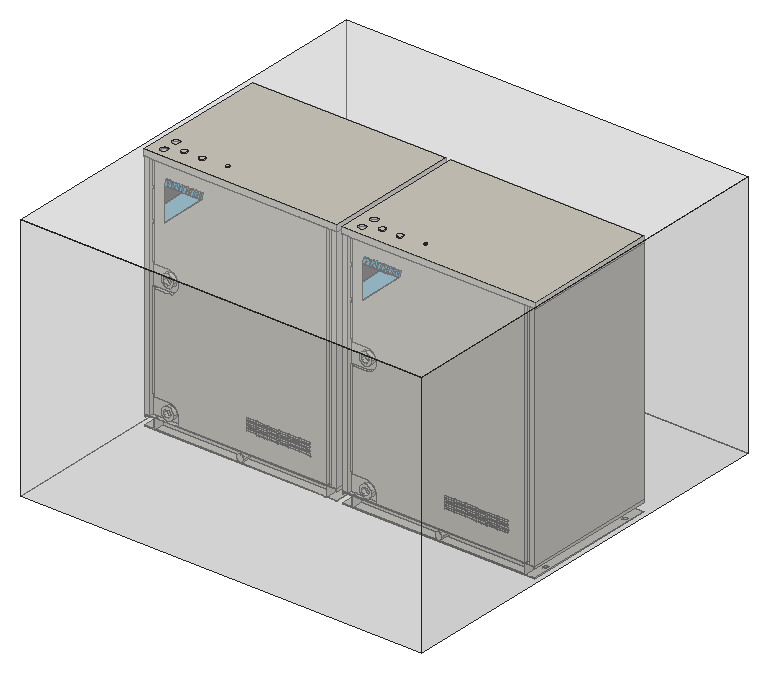
Revit family "outputfile", category 機械設備, Revit 2024
Family settings
  丸型コネクタ寸法 = 半径を使用
  種別 = なし
  パーツ タイプ = 標準
  OmniClass 番号 = 23.75.10.24.21.27.27
  OmniClass タイトル = Split System Air Conditioning Units
  作業面ベース = いいえ
  常に垂直 = はい
  ロード時にボイドで切り取り = いいえ
  注釈の向きを維持 = いいえ
  共有 = いいえ
  部屋計算ポイント = いいえ
Parameters (values of type "RWEYQ22TY1S")
  製造元 = "Daikin"
  書き出し IFC クラス(タイプ) = "IfcUnitaryEquipmentType"
  定義済み IFC タイプ(タイプ) = "AIRCONDITIONINGUNIT"
  モデル = "RWEYQ22TY1S"
  w_unit2 = 780.0 mm
  w_unit1 = 780.0 mm
  switch_unit2_6-8 [instance] = if(Reverse_ModuleSequence, if(default_unit1 = 1, 1 = 1, 1 = 0), if(default_unit2 = 1, 1 = 1, 1 = 0))  # no
  switch_unit2_12 [instance] = if(Reverse_ModuleSequence, if(default_unit1 = 3, 1 = 1, 1 = 0), if(default_unit2 = 3, 1 = 1, 1 = 0))  # no
  switch_unit2_10 [instance] = if(Reverse_ModuleSequence, if(default_unit1 = 2, 1 = 1, 1 = 0), if(default_unit2 = 2, 1 = 1, 1 = 0))  # yes
  switch_unit1_6-8 [instance] = if(Reverse_ModuleSequence, if(default_unit2 = 1, 1 = 1, 1 = 0), if(default_unit1 = 1, 1 = 1, 1 = 0))  # no
  switch_unit1_12 [instance] = if(Reverse_ModuleSequence, if(default_unit2 = 3, 1 = 1, 1 = 0), if(default_unit1 = 3, 1 = 1, 1 = 0))  # yes
  switch_unit1_10 [instance] = if(Reverse_ModuleSequence, if(default_unit2 = 2, 1 = 1, 1 = 0), if(default_unit1 = 2, 1 = 1, 1 = 0))  # no
  rangle_Drain [instance] = if(Rear Connection_Drain, 180.00°, 0.00°)  # 0.00°
  r_Water Outlet Pipe Connection_unit2 [instance] = Water Outlet Pipe Connection_Unit2 / 2  # 15.9 mm
  r_Water Outlet Pipe Connection_unit1 [instance] = Water Outlet Pipe Connection_Unit1 / 2  # 15.9 mm
  r_Water Inlet Pipe Connection_unit2 [instance] = Water Inlet Pipe Connection_Unit2 / 2  # 15.9 mm
  r_Water Inlet Pipe Connection_unit1 [instance] = Water Inlet Pipe Connection_Unit1 / 2  # 15.9 mm
  r_Liquid Pipe Size_unit2 [instance] = Liquid Pipe Size_Unit 2 / 2  # 4.75 mm
  r_HP/LP Gas Pipe Size_unit2 [instance] = [HP/LP Gas Pipe Size_Unit 2] / 2  # 11.1 mm
  r_HP/LP Gas Pipe Size_unit1 [instance] = [HP/LP Gas Pipe Size_Unit 1] / 2  # 11.1 mm
  r_Gas Pipe Size_unit2 [instance] = Gas Pipe Size_Unit 2 / 2  # 11.1 mm
  r_Drain Pipe Size = Drain Pipe Size / 2  # 6.35 mm
  lw_powersupply2 = 51.0 mm
  lw_liquidpipe2 = 274.0 mm
  lw_gaspipe2 [instance] = if(Heat Pump, 107.0 mm, 178.0 mm)  # 107.0 mm
  lw_Water Outlet2 = 95.0 mm
  lw_Water Outlet1 = 95.0 mm
  lw_Water Inlet2 = 95.0 mm
  lw_Water Inlet1 = 95.0 mm
  lw_HP/LP Gas Pipe2 [instance] = if(Heat Pump, 178.0 mm, 107.0 mm)  # 178.0 mm
  lw_HP/LP Gas Pipe1 [instance] = if(Heat Pump, 178.0 mm, 107.0 mm)  # 178.0 mm
  lw_Drain2 = 390.0 mm
  lw_Drain1 = 390.0 mm
  ld_HP/LP Gas Pipe = 69.0 mm
  h_mountinghole = [h_***] + 2.3 mm  # 2.3 mm
  r_Liquid Pipe Size_unit1 [instance] = Liquid Pipe Size_Unit 1 / 2  # 6.35 mm
  r_Gas Pipe Size_unit1 [instance] = Gas Pipe Size_Unit 1 / 2  # 11.1 mm
  distance_unit1-2 [instance] = 20.0 mm
  default_unit2 = 2
  default_unit1 = 3
  default_Water Outlet Pipe Connection_Unit 3 = 31.8 mm
  default_Water Outlet Pipe Connection_Unit 2 = 31.8 mm
  default_Water Outlet Pipe Connection_Unit 1 = 31.8 mm
  default_Water Inlet Pipe Connection_Unit 3 = 31.8 mm
  default_Water Inlet Pipe Connection_Unit 2 = 31.8 mm
  default_Water Inlet Pipe Connection_Unit 1 = 31.8 mm
  default_Model_Unit 2 = "RWEYQ10TY1S"
  default_Model_Unit 1 = "RWEYQ12TY1S"
  default_Liquid Pipe Size_Unit 2 = 9.5 mm
  default_Liquid Pipe Size_Unit 1 = 12.7 mm
  default_HP/LP Gas Pipe Size_Unit 2 [instance] = if(and(Heat Pump, [switch_unit2_6-8]), 19.1 mm, if(and(Heat Pump, switch_unit2_10), 22.2 mm, if(and(Heat Pump, switch_unit2_12), 22.2 mm, if(and(Heat Recovery, [switch_unit2_6-8]), 15.9 mm, if(and(Heat Recovery, switch_unit2_10), 19.1 mm, if(and(Heat Recovery, switch_unit2_12), 19.1 mm, 19.1 mm))))))  # 22.2 mm
  default_HP/LP Gas Pipe Size_Unit 1 [instance] = if(and(Heat Pump, [switch_unit1_6-8]), 19.1 mm, if(and(Heat Pump, switch_unit1_10), 22.2 mm, if(and(Heat Pump, switch_unit1_12), 22.2 mm, if(and(Heat Recovery, [switch_unit1_6-8]), 15.9 mm, if(and(Heat Recovery, switch_unit1_10), 19.1 mm, if(and(Heat Recovery, switch_unit1_12), 19.1 mm, 19.1 mm))))))  # 22.2 mm
  default_Gas Pipe Size_Unit 2 = 22.2 mm
  default_Gas Pipe Size_Unit 1 = 22.2 mm
  Water Outlet Pipe Connection_Unit2 [instance] = if(Reverse_ModuleSequence, default_Water Inlet Pipe Connection_Unit 1, default_Water Inlet Pipe Connection_Unit 2)  # 31.8 mm
  Water Outlet Pipe Connection_Unit1 [instance] = if(Reverse_ModuleSequence, default_Water Outlet Pipe Connection_Unit 2, default_Water Outlet Pipe Connection_Unit 1)  # 31.8 mm
  Water Inlet Pipe Connection_Unit2 [instance] = if(Reverse_ModuleSequence, default_Water Outlet Pipe Connection_Unit 1, default_Water Outlet Pipe Connection_Unit 2)  # 31.8 mm
  Water Inlet Pipe Connection_Unit1 [instance] = if(Reverse_ModuleSequence, default_Water Inlet Pipe Connection_Unit 2, default_Water Inlet Pipe Connection_Unit 1)  # 31.8 mm
  Voltage_comment_50Hz = "380-415"
  Voltage_50Hz = 400 V
  Top Connection_powersupply2 [instance] = not(Top Connection_powersupply1)  # no
  Sound Power Level (dB) = 75
  Reverse_ModuleSequence [instance] = no
  Rear Connection_Drain [instance] = not(Front Connection_Drain)  # no
  Power Input (Heating) = 13.500 kW
  Phase_50Hz = 3
  Nominal Heating Capacity = 69.000 kW
  Model_Unit 2 [instance] = if(Reverse_ModuleSequence, default_Model_Unit 1, default_Model_Unit 2)  # "RWEYQ10TY1S"
  Model_Unit 1 [instance] = if(Reverse_ModuleSequence, default_Model_Unit 2, default_Model_Unit 1)  # "RWEYQ12TY1S"
  Minimum Circuit Amps_50Hz = 27.3 A
  Maximum Fuse Amps_50Hz = 35.0 A
  Material_Heat Exchanger = DAIKIN_Blue_HE_outdoorunit
  Material_Casing = DAIKIN_IvoryWhite_Casing_outdoorunit
  lw_powersupply1 = 51.0 mm
  lw_liquidpipe1 = 274.0 mm
  lw_gaspipe1 [instance] = if(Heat Pump, 107.0 mm, 178.0 mm)  # 107.0 mm
  lh_powersupply = 940.0 mm
  ld_powersupply [instance] = if(Top Connection_powersupply1, 38.0 mm, 98.0 mm)  # 38.0 mm
  ld_liquidpipe = 79.0 mm
  ld_gaspipe = 69.0 mm
  h_*** = 0.0 mm
  Width [instance] = [distance_unit1-2] + w_unit1 + w_unit2  # 1580.0 mm
  Version = "ver.1.0"
  Unit Type = ""
  Unit Mass Weight = 294.00 kg
  Unit Designation [instance] = ""
  Uniclass2015Version = "Products v1.30"
  Uniclass2015Title = "Variable refrigerant flow units"
  Uniclass2015Code = "Pr_70_65_03_94"
  Total Cooling Capacity [instance] = 0.000 kW
  Sound Pressure Level (dBA) = 55
  Series = "VRV Heat Recovery"
  Refrigerant_Base Charge = 8.400 kg
  Refrigerant_Additional Charge [instance] = 0.000 kg
  Refrigerant Type = "R410A"
  Power Input (Cooling) = 12.800 kW
  Option Accessory 3 [instance] = ""
  Option Accessory 2 [instance] = ""
  Option Accessory 1 [instance] = ""
  Nominal Cooling Capacity = 61.500 kW
  Load Classification = HVAC
  Liquid Pipe Size_Unit 2 [instance] = if(Reverse_ModuleSequence, default_Liquid Pipe Size_Unit 1, default_Liquid Pipe Size_Unit 2)  # 9.5 mm
  Liquid Pipe Size_Unit 1 [instance] = if(Reverse_ModuleSequence, default_Liquid Pipe Size_Unit 2, default_Liquid Pipe Size_Unit 1)  # 12.7 mm
  Link_Nested Family [instance] = ""
  IfcVersion = ""
  IfcExportType = "AIRCONDITIONINGUNIT"
  IfcExportAs = "IfcUnitaryEquipmentType"
  Height = 1000.0 mm
  Heat Recovery [instance] = not(Heat Pump)  # no
  Heat Pump [instance] = yes
  Heat Exchanger Type = "Stainless Steel Plate"
  HP/LP Gas Pipe Size_Unit 2 [instance] = [default_HP/LP Gas Pipe Size_Unit 2]  # 22.2 mm
  HP/LP Gas Pipe Size_Unit 1 [instance] = [default_HP/LP Gas Pipe Size_Unit 1]  # 22.2 mm
  Gas Pipe Size_Unit 2 [instance] = if(Reverse_ModuleSequence, default_Gas Pipe Size_Unit 1, default_Gas Pipe Size_Unit 2)  # 22.2 mm
  Gas Pipe Size_Unit 1 [instance] = if(Reverse_ModuleSequence, default_Gas Pipe Size_Unit 2, default_Gas Pipe Size_Unit 1)  # 22.2 mm
  Top Connection_powersupply1 [instance] = yes
  Front Connection_Drain [instance] = yes
  Frequency_50Hz = 50 Hz
  Drain Pipe Size = 12.7 mm
  Depth = 550.0 mm
  既定の高さ = 0.0 mm
  Cooling Ambient Wet Bulb Temperature [instance] = 0.00 °C
  Cooling Ambient Dry Bulb Temperature [instance] = 0.00 °C
  Compressor Type = "Hermetically Sealed Scroll Type"
  Clearance visibility [instance] = yes
  Clearance Top = 0.0 mm
  Clearance Right = 20.0 mm
  Clearance Rear = 500.0 mm
  Clearance Left = 20.0 mm
  Clearance Front = 600.0 mm
  Clearance Bottom = 0.0 mm
  CU Tag No. [instance] = ""
Reference planes
  plane 1 "Center (Front/Back)": y = 0
  plane 2 "h_***": z = 0
  plane 3 "Center (Left/Right)": x = 0
  plane 4 "Back": y = 275
  plane 5 "Front": y = -275
  plane 6 "Left": x = -390
  plane 7 "w_unit1": x = 390
  plane 8 "Top": z = 1000
  plane 9 "Clearance Rear": y = 775
  plane 10 "Clearance Front": y = -875
  plane 11 "Clearance Left": x = -410
  plane 12 "Clearance Right": x = 1210
  plane 13 "Clearance Top": z = 1000
  plane 14 "Clearance Bottom": z = 0
  plane 15 "Bottom": z = 0
  plane 16 "lw_powersupply1": x = -339
  plane 17 "ld_powersupply": y = -237
  plane 18 "lw_liquidpipe1": x = -116
  plane 19 "Rear Connection_refrigetant": y = -196
  plane 20 "lw_gaspipe1": x = -283
  plane 21 "ld_gaspipe": y = -206
  plane 22 "lh_logo": z = 900
  plane 23 "lw_logo": x = 100
  plane 24 "lh_powersupply": z = 940
  plane 25 "lw_HP/LP Gas Pipe1": x = -212
  plane 26 "ld_HP/LP Gas Pipe": y = -206
  plane 27 "l_unit2": x = 410
  plane 28 "Right": x = 1190
  plane 29 "lw_powersupply2": x = 461
  plane 30 "lw_liquidpipe2": x = 684
  plane 31 "lw_gaspipe2": x = 517
  plane 32 "lw_HP/LP Gas Pipe2": x = 588
  plane 33 "lw_Water Inlet1": x = -295
  plane 34 "lw_Water Inlet2": x = 505
  plane 35 "lw_Water Outlet1": x = -295
  plane 36 "lw_Water Outlet2": x = 505
  plane 37 "lw_Drain1": x = 0
  plane 38 "lw_Drain2": x = 800
Dimensions and locks
  equal spacing: plane 4 "Back", plane 1 "Center (Front/Back)", plane 5 "Front"
  "Depth": plane 4 "Back" to plane 5 "Front"
  equal spacing: plane 6 "Left", plane 3 "Center (Left/Right)", plane 7 "w_unit1"
  "w_unit1": plane 6 "Left" to plane 7 "w_unit1"
  "Clearance Rear": plane 9 "Clearance Rear" to plane 4 "Back"
  "Clearance Front": plane 10 "Clearance Front" to plane 5 "Front"
  "Clearance Left": plane 11 "Clearance Left" to plane 6 "Left"
  "Clearance Top": plane 13 "Clearance Top" to plane 8 "Top"
  "h_***": plane 15 "Bottom" to plane 2 "h_***"
  "Height": plane 8 "Top" to plane 15 "Bottom"
  "Clearance Bottom": plane 15 "Bottom" to plane 14 "Clearance Bottom"
  "ld_powersupply": plane 17 "ld_powersupply" to plane 5 "Front"
  "ld_liquidpipe": plane 19 "Rear Connection_refrigetant" to plane 5 "Front"
  "ld_gaspipe": plane 21 "ld_gaspipe" to plane 5 "Front"
  locked: plane 23 "lw_logo" to plane 7 "w_unit1" at 290
  locked: plane 22 "lh_logo" to plane 15 "Bottom" at 900
  "lw_gaspipe1": plane 6 "Left" to plane 20 "lw_gaspipe1"
  "lw_liquidpipe1": plane 6 "Left" to plane 18 "lw_liquidpipe1"
  "lw_powersupply1": plane 6 "Left" to plane 16 "lw_powersupply1"
  "lh_powersupply": plane 24 "lh_powersupply" to plane 15 "Bottom"
  "lw_HP/LP Gas Pipe1": plane 6 "Left" to plane 25 "lw_HP/LP Gas Pipe1"
  "ld_HP/LP Gas Pipe": plane 26 "ld_HP/LP Gas Pipe" to plane 5 "Front"
  "distance_unit1-2": plane 7 "w_unit1" to plane 27 "l_unit2"
  "Clearance Right": plane 28 "Right" to plane 12 "Clearance Right"
  "Width": plane 6 "Left" to plane 28 "Right"
  "lw_powersupply2": plane 27 "l_unit2" to plane 29 "lw_powersupply2"
  "lw_HP/LP Gas Pipe2": plane 27 "l_unit2" to plane 32 "lw_HP/LP Gas Pipe2"
  "lw_gaspipe2": plane 27 "l_unit2" to plane 31 "lw_gaspipe2"
  "lw_liquidpipe2": plane 27 "l_unit2" to plane 30 "lw_liquidpipe2"
  "lw_Water Inlet1": plane 6 "Left" to plane 33 "lw_Water Inlet1"
  "lw_Water Inlet2": plane 27 "l_unit2" to plane 34 "lw_Water Inlet2"
  "lw_Water Outlet1": plane 6 "Left" to plane 35 "lw_Water Outlet1"
  "lw_Water Outlet2": plane 27 "l_unit2" to plane 36 "lw_Water Outlet2"
  "lw_Drain1": plane 6 "Left" to plane 37 "lw_Drain1"
  "lw_Drain2": plane 27 "l_unit2" to plane 38 "lw_Drain2"
  aligned and locked: level to plane 2 "h_***"
  aligned and locked: plane 9 "Clearance Rear" to nested 2
  aligned and locked: nested 2 to plane 10 "Clearance Front"
  aligned and locked: plane 11 "Clearance Left" to nested 2
  aligned and locked: plane 12 "Clearance Right" to nested 2
  aligned and locked: plane 13 "Clearance Top" to nested 2
  aligned and locked: plane 14 "Clearance Bottom" to nested 2
  aligned and locked: plane 8 "Top" to nested 1
  aligned and locked: plane 22 "lh_logo" to nested 7
  aligned and locked: nested 8 to plane 16 "lw_powersupply1"
  aligned and locked: nested 9 to plane 20 "lw_gaspipe1"
  aligned and locked: nested 10 to plane 18 "lw_liquidpipe1"
  aligned and locked: nested 10 to plane 19 "Rear Connection_refrigetant"
  aligned and locked: nested 9 to plane 21 "ld_gaspipe"
  aligned and locked: nested 8 to plane 17 "ld_powersupply"
  aligned and locked: plane 5 "Front" to nested 7
  aligned and locked: plane 24 "lh_powersupply" to nested 8
  aligned and locked: plane 27 "l_unit2" to nested 11
  aligned and locked: nested 17 to plane 29 "lw_powersupply2"
  aligned and locked: nested 17 to plane 17 "ld_powersupply"
  aligned and locked: nested 18 to plane 31 "lw_gaspipe2"
  aligned and locked: nested 18 to plane 26 "ld_HP/LP Gas Pipe"
  aligned and locked: plane 33 "lw_Water Inlet1" to nested 20
  aligned and locked: plane 34 "lw_Water Inlet2" to nested 21
  aligned and locked: plane 35 "lw_Water Outlet1" to nested 22
  aligned and locked: plane 36 "lw_Water Outlet2" to nested 23
  aligned and locked: plane 37 "lw_Drain1" to nested 24
  aligned and locked: plane 38 "lw_Drain2" to nested 25
  aligned and locked: plane 1 "Center (Front/Back)" to nested 20
  aligned and locked: plane 1 "Center (Front/Back)" to nested 21
  aligned and locked: plane 1 "Center (Front/Back)" to nested 22
  aligned and locked: plane 1 "Center (Front/Back)" to nested 23
  aligned and locked: plane 1 "Center (Front/Back)" to nested 24
  aligned and locked: plane 1 "Center (Front/Back)" to nested 25
  aligned and locked: nested 26 to plane 26 "ld_HP/LP Gas Pipe"
  aligned and locked: nested 27 to plane 26 "ld_HP/LP Gas Pipe"
  aligned and locked: plane 32 "lw_HP/LP Gas Pipe2" to nested 27
  aligned and locked: plane 25 "lw_HP/LP Gas Pipe1" to nested 26
Nested families
  nested 1: "DAIKIN_outdoorunit_RWEYQ-TY1S" at (-31, 0, 0), h_*** <- "h_***", Link_Nest <- "Link_Nested Family", h_mountinghole <- "h_mountinghole", Width <- "w_unit1", switch_unit1_6-8 <- "switch_unit1_6-8", switch_unit1_10 <- "switch_unit1_10", switch_unit1_12 <- "switch_unit1_12", type "RWEYQ-TY1S"
    with switch_unit1_6-8 no, switch_unit1_12 yes, switch_unit1_10 no, show_fixedhole yes, h_mountinghole 2.3 mm, h_antenna_mountinghole 998.7 mm, h_*** 0.0 mm, array_bolt 5, Width 780.0 mm, Liquid Pipe Size_Unit 1 12.7 mm, Link_Nest "", HP/LP Pipe Size_Unit 1 22.2 mm, Gas Pipe Size_Unit 1 22.2 mm
  nested 2: "daikin_clearancespace" at (400, -50, 500.119), visible <- "Clearance visibility", show <- "Clearance visibility", Link_Nested Family <- "Link_Nested Family", type "daikin_clearancespace"
    with width 1620.0 mm, show yes, height 1000.0 mm, depth 1650.0 mm, Link_Nested Family ""
  nested 3: "daikin_mountinghole" at (-372, 200, 0), type "daikin_mountinghole"
    with show yes, l_antenna 998.7 mm, h_mountinghole 2.3 mm, Link_Nested Family ""
  nested 4: "daikin_mountinghole" at (372, 200, 0), type "daikin_mountinghole"
    with show yes, l_antenna 998.7 mm, h_mountinghole 2.3 mm, Link_Nested Family ""
  nested 5: "daikin_mountinghole" at (-372, -200, 0), type "daikin_mountinghole"
    with show yes, l_antenna 998.7 mm, h_mountinghole 2.3 mm, Link_Nested Family ""
  nested 6: "daikin_mountinghole" at (372, -200, 0), type "daikin_mountinghole"
    with show yes, l_antenna 998.7 mm, h_mountinghole 2.3 mm, Link_Nested Family ""
  nested 7: "daikin_logo_elevation_w150" at (-212.5, -275, 744.568), type "daikin_logo_elevation_w150"
    with show_logo yes
  nested 8: "daikin_connector_rotate3" at (-339, -237, 940) x (-1, 0, 0) z (0, 0, -1), type "daikin_connector_rotate3"
    with show no, radius 10.0 mm, length 60.0 mm, angle_vertical 0.00°, angle_horizontal 0.00°
  nested 9: "daikin_connector_rotate3" at (-283, -206, 940) x (-1, 0, 0) z (0, 0, -1), radius <- "r_Gas Pipe Size_unit1", type "daikin_connector_rotate3"
    with show no, radius 11.1 mm, length 60.0 mm, angle_vertical 0.00°, angle_horizontal 0.00°
  nested 10: "daikin_connector_rotate3" at (-116, -196, 940) x (-1, 0, 0) z (0, 0, -1), radius <- "r_Liquid Pipe Size_unit1", type "daikin_connector_rotate3"
    with show no, radius 6.35 mm, length 60.0 mm, angle_vertical 0.00°, angle_horizontal 0.00°
  nested 11: "DAIKIN_outdoorunit_RWEYQ-TY1S" at (769, 0, 0), Width <- "w_unit2", switch_unit1_6-8 <- "switch_unit2_6-8", switch_unit1_10 <- "switch_unit2_10", switch_unit1_12 <- "switch_unit2_12", type "RWEYQ-TY1S"
    with switch_unit1_6-8 no, switch_unit1_12 no, switch_unit1_10 yes, show_fixedhole yes, h_mountinghole 2.3 mm, h_antenna_mountinghole 998.7 mm, h_*** 0.0 mm, array_bolt 5, Width 780.0 mm, Liquid Pipe Size_Unit 1 9.5 mm, Link_Nest "", HP/LP Pipe Size_Unit 1 22.2 mm, Gas Pipe Size_Unit 1 22.2 mm
  nested 12: "daikin_mountinghole" at (428, 200, 0), type "daikin_mountinghole"
    with show yes, l_antenna 998.7 mm, h_mountinghole 2.3 mm, Link_Nested Family ""
  nested 13: "daikin_mountinghole" at (1172, 200, 0), type "daikin_mountinghole"
    with show yes, l_antenna 998.7 mm, h_mountinghole 2.3 mm, Link_Nested Family ""
  nested 14: "daikin_mountinghole" at (428, -200, 0), type "daikin_mountinghole"
    with show yes, l_antenna 998.7 mm, h_mountinghole 2.3 mm, Link_Nested Family ""
  nested 15: "daikin_mountinghole" at (1172, -200, 0), type "daikin_mountinghole"
    with show yes, l_antenna 998.7 mm, h_mountinghole 2.3 mm, Link_Nested Family ""
  nested 16: "daikin_connector_rotate3" at (684, -196, 940) x (-1, 0, 0) z (0, 0, -1), radius <- "r_Liquid Pipe Size_unit2", type "daikin_connector_rotate3"
    with show no, radius 4.75 mm, length 60.0 mm, angle_vertical 0.00°, angle_horizontal 0.00°
  nested 17: "daikin_connector_rotate3" at (461, -237, 940) x (-1, 0, 0) z (0, 0, -1), type "daikin_connector_rotate3"
    with show no, radius 10.0 mm, length 60.0 mm, angle_vertical 0.00°, angle_horizontal 0.00°
  nested 18: "daikin_connector_rotate3" at (517, -206, 940) x (-1, 0, 0) z (0, 0, -1), radius <- "r_Gas Pipe Size_unit2", type "daikin_connector_rotate3"
    with show no, radius 11.1 mm, length 60.0 mm, angle_vertical 0.00°, angle_horizontal 0.00°
  nested 19: "daikin_logo_elevation_w150" at (587.5, -275, 744.568), type "daikin_logo_elevation_w150"
    with show_logo yes
  nested 20: "daikin_connector_rotate3" at (-295, 0, 76), radius <- "r_Water Inlet Pipe Connection_unit1", type "daikin_connector_rotate3"
    with show no, radius 15.9 mm, length 275.0 mm, angle_vertical 90.00°, angle_horizontal 0.00°
  nested 21: "daikin_connector_rotate3" at (505, 0, 76), radius <- "r_Water Inlet Pipe Connection_unit2", type "daikin_connector_rotate3"
    with show no, radius 15.9 mm, length 275.0 mm, angle_vertical 90.00°, angle_horizontal 0.00°
  nested 22: "daikin_connector_rotate3" at (-295, 0, 556), radius <- "r_Water Outlet Pipe Connection_unit1", type "daikin_connector_rotate3"
    with show no, radius 15.9 mm, length 275.0 mm, angle_vertical 90.00°, angle_horizontal 0.00°
  nested 23: "daikin_connector_rotate3" at (505, 0, 556), radius <- "r_Water Outlet Pipe Connection_unit2", type "daikin_connector_rotate3"
    with show no, radius 15.9 mm, length 275.0 mm, angle_vertical 90.00°, angle_horizontal 0.00°
  nested 24: "daikin_connector_rotate3" at (0, 0, 19), angle_horizontal <- "rangle_Drain", radius <- "r_Drain Pipe Size", type "daikin_connector_rotate3"
    with show no, radius 6.35 mm, length 275.0 mm, angle_vertical 90.00°, angle_horizontal 0.00°
  nested 25: "daikin_connector_rotate3" at (800, 0, 19), angle_horizontal <- "rangle_Drain", radius <- "r_Drain Pipe Size", type "daikin_connector_rotate3"
    with show no, radius 6.35 mm, length 275.0 mm, angle_vertical 90.00°, angle_horizontal 0.00°
  nested 26: "daikin_connector_rotate3" at (-212, -206, 940) x (1, 0, 0) z (0, 0, -1), radius <- "r_HP/LP Gas Pipe Size_unit1", type "daikin_connector_rotate3"
    with show no, radius 11.1 mm, length 60.0 mm, angle_vertical 0.00°, angle_horizontal 0.00°
  nested 27: "daikin_connector_rotate3" at (588, -206, 940) x (1, 0, 0) z (0, 0, -1), radius <- "r_HP/LP Gas Pipe Size_unit2", type "daikin_connector_rotate3"
    with show no, radius 11.1 mm, length 60.0 mm, angle_vertical 0.00°, angle_horizontal 0.00°
Connectors
  piping at (-116, -196, 1000), diameter 12.7, driven by "r_Liquid Pipe Size_unit1"
    settings: on nested 10, index 12, connector inside diameter 609.6 mm, connector length 0.0 mm, flow factor 0, pipe flow 0.00 m³/h, pressure drop 0.0 Pa, fitting loss kfactor 0, connector angle 0.00°, fixture units 0, engagement length 0.0 mm, angle of deflection 0.00°, flow configuration 0, flow direction 2, fitting loss method 0, system type 29, joint type 0, gender type 0, connector reference index -1, connector utility 0, adjustable connector no, is connector primary no, connector description "Refrigerant Liquid Piping1"
  electrical at (-339, -237, 1000), driven by "Load Classification"
    settings: on nested 8, index 13, voltage 0 V, apparent load 0 VA, apparent load phase1 0 VA, apparent load phase2 0 VA, apparent load phase3 0 VA, power factor 1, load classification "HVAC", number of poles 1, system type 30, power factor state 1, is connector primary yes, connector utility no, sub classification motor no, connector description "Power Supply1"
  piping at (684, -196, 1000), diameter 9.5, driven by "r_Liquid Pipe Size_unit2"
    settings: on nested 16, index 15, connector inside diameter 609.6 mm, connector length 0.0 mm, flow factor 0, pipe flow 0.00 m³/h, pressure drop 0.0 Pa, fitting loss kfactor 0, connector angle 0.00°, fixture units 0, engagement length 0.0 mm, angle of deflection 0.00°, flow configuration 0, flow direction 2, fitting loss method 0, system type 29, joint type 0, gender type 0, connector reference index -1, connector utility 0, adjustable connector no, is connector primary no, connector description "Refrigerant Liquid Piping2"
  electrical at (461, -237, 1000), driven by "Load Classification"
    settings: on nested 17, index 17, voltage 0 V, apparent load 0 VA, apparent load phase1 0 VA, apparent load phase2 0 VA, apparent load phase3 0 VA, power factor 1, load classification "HVAC", number of poles 1, system type 30, power factor state 1, is connector primary no, connector utility no, sub classification motor no, connector description "Power Supply2"
  piping at (-295, -275, 556), diameter 31.8, driven by "r_Water Outlet Pipe Connection_unit1"
    settings: on nested 22, index 19, connector inside diameter 609.6 mm, connector length 0.0 mm, flow factor 0, pipe flow 0.00 m³/h, pressure drop 0.0 Pa, fitting loss kfactor 0, connector angle 0.00°, fixture units 0, engagement length 0.0 mm, angle of deflection 0.00°, flow configuration 1, flow direction 2, fitting loss method 0, system type 8, joint type 0, gender type 0, connector reference index -1, connector utility 0, adjustable connector no, is connector primary no, connector description "Cooling Water Outlet Piping 1"
  piping at (-295, -275, 76), diameter 31.8, driven by "r_Water Inlet Pipe Connection_unit1"
    settings: on nested 20, index 20, connector inside diameter 609.6 mm, connector length 0.0 mm, flow factor 0, pipe flow 0.00 m³/h, pressure drop 0.0 Pa, fitting loss kfactor 0, connector angle 0.00°, fixture units 0, engagement length 0.0 mm, angle of deflection 0.00°, flow configuration 1, flow direction 1, fitting loss method 0, system type 7, joint type 0, gender type 0, connector reference index -1, connector utility 0, adjustable connector no, is connector primary no, connector description "Cooling Water Inlet  Piping 1"
  piping at (0, -275, 19), diameter 12.7, driven by "r_Drain Pipe Size"
    settings: on nested 24, index 21, connector inside diameter 609.6 mm, connector length 0.0 mm, flow factor 0, pipe flow 0.00 m³/h, pressure drop 0.0 Pa, fitting loss kfactor 0, connector angle 0.00°, fixture units 0, engagement length 0.0 mm, angle of deflection 0.00°, flow configuration 1, flow direction 2, fitting loss method 4, system type 16, joint type 0, gender type 0, connector reference index -1, connector utility 0, adjustable connector no, is connector primary no, connector description "Condensate Drain Piping 1"
  piping at (505, -275, 556), diameter 31.8, driven by "r_Water Outlet Pipe Connection_unit2"
    settings: on nested 23, index 22, connector inside diameter 609.6 mm, connector length 0.0 mm, flow factor 0, pipe flow 0.00 m³/h, pressure drop 0.0 Pa, fitting loss kfactor 0, connector angle 0.00°, fixture units 0, engagement length 0.0 mm, angle of deflection 0.00°, flow configuration 1, flow direction 2, fitting loss method 0, system type 8, joint type 0, gender type 0, connector reference index -1, connector utility 0, adjustable connector no, is connector primary no, connector description "Cooling Water Outlet Piping 2"
  piping at (505, -275, 76), diameter 31.8, driven by "r_Water Inlet Pipe Connection_unit2"
    settings: on nested 21, index 23, connector inside diameter 609.6 mm, connector length 0.0 mm, flow factor 0, pipe flow 0.00 m³/h, pressure drop 0.0 Pa, fitting loss kfactor 0, connector angle 0.00°, fixture units 0, engagement length 0.0 mm, angle of deflection 0.00°, flow configuration 1, flow direction 1, fitting loss method 0, system type 7, joint type 0, gender type 0, connector reference index -1, connector utility 0, adjustable connector no, is connector primary no, connector description "Cooling Water Inlet  Piping 2"
  piping at (800, -275, 19), diameter 12.7, driven by "r_Drain Pipe Size"
    settings: on nested 25, index 24, connector inside diameter 609.6 mm, connector length 0.0 mm, flow factor 0, pipe flow 0.00 m³/h, pressure drop 0.0 Pa, fitting loss kfactor 0, connector angle 0.00°, fixture units 0, engagement length 0.0 mm, angle of deflection 0.00°, flow configuration 1, flow direction 2, fitting loss method 4, system type 16, joint type 0, gender type 0, connector reference index -1, connector utility 0, adjustable connector no, is connector primary no, connector description "Condensate Drain Piping 2"
  piping at (-212, -206, 1000), diameter 22.2, driven by "r_HP/LP Gas Pipe Size_unit1"
    settings: on nested 26, index 27, connector inside diameter 609.6 mm, connector length 0.0 mm, flow factor 0, pipe flow 0.00 m³/h, pressure drop 0.0 Pa, fitting loss kfactor 0, connector angle 0.00°, fixture units 0, engagement length 0.0 mm, angle of deflection 0.00°, flow configuration 0, flow direction 0, fitting loss method 0, system type 29, joint type 0, gender type 0, connector reference index -1, connector utility 0, adjustable connector no, is connector primary no, connector description "Refrigerant HP/LP Gas Piping1"
  piping at (588, -206, 1000), diameter 22.2, driven by "r_HP/LP Gas Pipe Size_unit2"
    settings: on nested 27, index 28, connector inside diameter 609.6 mm, connector length 0.0 mm, flow factor 0, pipe flow 0.00 m³/h, pressure drop 0.0 Pa, fitting loss kfactor 0, connector angle 0.00°, fixture units 0, engagement length 0.0 mm, angle of deflection 0.00°, flow configuration 0, flow direction 0, fitting loss method 0, system type 29, joint type 0, gender type 0, connector reference index -1, connector utility 0, adjustable connector no, is connector primary no, connector description "Refrigerant HP/LP Gas Piping2"
  piping at (-283, -206, 1000), diameter 22.2, driven by "r_Gas Pipe Size_unit1"
    settings: on nested 9, index 29, connector inside diameter 609.6 mm, connector length 0.0 mm, flow factor 0, pipe flow 0.00 m³/h, pressure drop 0.0 Pa, fitting loss kfactor 0, connector angle 0.00°, fixture units 0, engagement length 0.0 mm, angle of deflection 0.00°, flow configuration 0, flow direction 1, fitting loss method 0, system type 29, joint type 0, gender type 0, connector reference index -1, connector utility 0, adjustable connector no, is connector primary yes, connector description "Refrigerant Gas Piping1"
  piping at (517, -206, 1000), diameter 22.2, driven by "r_Gas Pipe Size_unit2"
    settings: on nested 18, index 30, connector inside diameter 609.6 mm, connector length 0.0 mm, flow factor 0, pipe flow 0.00 m³/h, pressure drop 0.0 Pa, fitting loss kfactor 0, connector angle 0.00°, fixture units 0, engagement length 0.0 mm, angle of deflection 0.00°, flow configuration 0, flow direction 1, fitting loss method 0, system type 29, joint type 0, gender type 0, connector reference index -1, connector utility 0, adjustable connector no, is connector primary no, connector description "Refrigerant Gas Piping2"
Definition of nested family "DAIKIN_outdoorunit_RWEYQ-TY1S"
  Parameters (values of type "RWEYQ-TY1S")
    w_wiremesh_right = 668.0 mm  # constant formula
    w_wiremesh_left = 590.0 mm  # constant formula
    w_wiremesh_front = 248.0 mm  # constant formula
    switch_unit1_6-8 [instance] = no
    switch_unit1_12 [instance] = yes
    switch_unit1_10 [instance] = no
    show_fixedhole [instance] = yes
    material_heatexchanger = none
    material_casing = none
    ld_hole1_bottom = 154.0 mm  # constant formula
    h_wiremesh = 900.0 mm  # constant formula
    h_mountinghole [instance] = 2.3 mm
    h_antenna_mountinghole [instance] = Height + 1.0 mm - 2.3 mm  # 998.7 mm
    h_*** [instance] = 0.0 mm
    array_bolt [instance] = 5
    Width [instance] = 780.0 mm
    Liquid Pipe Size_Unit 1 [instance] = if([switch_unit1_6-8], 9.5 mm, if(switch_unit1_10, 9.5 mm, if(switch_unit1_12, 12.7 mm, 9.5 mm)))  # 12.7 mm
    Link_Nest [instance] = ""
    Height = 1000.0 mm
    Heat Recovery = not(Heat Pump)  # no
    Heat Pump = yes
    HP/LP Pipe Size_Unit 1_L = if(Heat Pump, 178.0 mm, 107.0 mm)  # 178.0 mm
    HP/LP Pipe Size_Unit 1 [instance] = if(Heat Recovery, if([switch_unit1_6-8], 15.9 mm, if(switch_unit1_10, 19.1 mm, if(switch_unit1_12, 19.1 mm, 15.9 mm))), if([switch_unit1_6-8], 19.1 mm, if(switch_unit1_10, 22.2 mm, if(switch_unit1_12, 22.2 mm, 19.1 mm))))  # 22.2 mm
    Gas Pipe Size_Unit 1_L = if(Heat Pump, 107.0 mm, 178.0 mm)  # 107.0 mm
    Gas Pipe Size_Unit 1_H = 60.0 mm  # constant formula
    Gas Pipe Size_Unit 1 [instance] = if([switch_unit1_6-8], 19.1 mm, if(switch_unit1_10, 22.2 mm, if(switch_unit1_12, 22.2 mm, 19.1 mm)))  # 22.2 mm
    Depth = 550.0 mm
    Default Elevation = 0.0 mm
  Reference planes
    plane 1 "Center (Front/Back)": y = 0
    plane 2 "reference_level": z = 0
    plane 3 "Center (Left/Right)": x = 31
    plane 4 "Bottom": z = 0
    plane 5: x = 421
    plane 6: x = -359
    plane 7 "Back": y = 275
    plane 8 "Front": y = -275
    plane 9: z = 1000
    plane 10: z = 976
    plane 11: y = -255
    plane 12: y = 255
    plane 13: x = -337
    plane 14: x = 399
    plane 15: x = -341
    plane 16: z = 45
    plane 17: x = 403
    plane 18: y = 200
    plane 19: y = -200
    plane 20: z = 1060
    plane 21: z = 19
    plane 22: z = 1000
    plane 23: z = 940
  Forms (mm)
    Extrusion 1, solid, material <- "material_heatexchanger"
      sketch origin (0, 0, 0) x (1, 0, 0) y (0, 1, 0)
        loop
          line (-337, 255) -> (-337, -255) -> (399, -255) -> (399, 255) -> (-337, 255)
      from 54 to 976
    Extrusion 2, void
      sketch origin (0, 350, 0) x (1, 0, 0) y (0, 1, 0)
        loop
          circle (-341, -150) r 8.5
        loop
          circle (403, -150) r 8.5
        loop
          circle (403, -550) r 8.5
        loop
          circle (-341, -550) r 8.5
      from 0 to 29.064
    Extrusion 3, solid, material <- "material_casing"
      sketch origin (620, -305, 0) x (-1, 0, 0) y (0, 0, 1)
        loop
          line (204.3, 35.061) -> (204.3, 42.7) -> (239.7, 42.7) -> (239.7, 2.3) -> (201, 2.3) -> (201, 0) -> (242, 0) -> (242, 45) -> (201, 45) -> (201, 35.061) -> (204.3, 35.061)
        loop
          line (973.7, 35.061) -> (977, 35.061) -> (977, 45) -> (936, 45) -> (936, 0) -> (977, 0) -> (977, 2.3) -> (938.3, 2.3) -> (938.3, 42.7) -> (973.7, 42.7) -> (973.7, 35.061)
      from 30 to 580
    Extrusion 4, solid, material <- "material_casing"
      sketch origin (31, 0, 0) x (0, 1, 0) y (0, 0, 1)
        loop
          line (-275, 45) -> (-275, 42.7) -> (-236.3, 42.7) -> (-236.3, 2.3) -> (-275, 2.3) -> (-275, 0) -> (-234, 0) -> (-234, 45) -> (-275, 45)
        loop
          line (275, 45) -> (234, 45) -> (234, 0) -> (275, 0) -> (275, 2.3) -> (236.3, 2.3) -> (236.3, 42.7) -> (275, 42.7) -> (275, 45)
      from -347 to 347
    Extrusion 5, solid, material <- "material_casing"
      sketch origin (0, 0, 0) x (1, 0, 0) y (0, 1, 0)
        loop
          circle (-85, -196) r 6.35
        loop
          circle (-181, -206) r 11.1
      from 940 to 1000
    Extrusion 6, solid, material <- "material_casing"
      sketch origin (-663.497, -190, 1200) x (-1, 0, 0) y (0, 0, 1)
        loop
          circle (-694.497, -1181) r 14
      from -85 to -46.3
    Extrusion 7, solid, material <- "material_casing"
      sketch origin (-663.497, 321.3, 1200) x (-1, 0, 0) y (0, 0, 1)
        loop
          circle (-694.497, -1181) r 14
      from -85 to -46.3
    Extrusion 8, solid, material <- "material_casing"
      sketch origin (0, -500, 0) x (1, 0, 0) y (0, 1, 0)
        loop
          circle (-252, 294) r 11.1
      from 940 to 1000
  Cuts and joins
    Extrusion 2 cuts Extrusion 3
  Dimensions and locks
    equal spacing: plane 6, plane 3 "Center (Left/Right)", plane 5
    "Width": plane 6 to plane 5
    locked: plane 9 to plane 10 at 24
    "Depth": plane 8 "Front" to plane 7 "Back"
    equal spacing: plane 7 "Back", plane 1 "Center (Front/Back)", plane 8 "Front"
    locked: plane 12 to plane 7 "Back" at 20
    locked: plane 11 to plane 8 "Front" at 20
    locked: plane 6 to plane 13 at 22
    locked: plane 14 to plane 5 at 22
    locked: plane 6 to plane 15 at 18
    "h_***": plane 4 "Bottom" to plane 2 "reference_level"
    locked: plane 16 to plane 4 "Bottom" at 45
    "Height": plane 9 to plane 4 "Bottom"
    locked: plane 5 to Extrusion 3 sketch curve at 2  (x2)
    locked: Extrusion 3 sketch curve to Extrusion 3 sketch curve at 41  (x2)
    locked: Extrusion 3 sketch curve to Extrusion 3 sketch curve at 3.3  (x2)
    locked: Extrusion 3 sketch curve to plane 6 at 2  (x2)
    locked: plane 8 "Front" to Extrusion 4 sketch curve at 41
    locked: Extrusion 4 sketch curve to plane 7 "Back" at 41
    locked: plane 17 to plane 5 at 18
    plane 19 to plane 8 "Front" = 75.0 mm
    locked: plane 18 to plane 7 "Back" at 75
    locked: Extrusion 5 sketch curve to plane 8 "Front" at 79
    locked: plane 6 to Extrusion 5 sketch curve at 274
    "HP/LP Pipe Size_Unit 1_L": plane 6 to Extrusion 5 sketch curve
    locked: Extrusion 5 sketch curve to plane 8 "Front" at 69
    locked: plane 20 to plane 9 at 60
    plane 21 to plane 4 "Bottom" = 19.0 mm
    locked: Extrusion 8 sketch curve to plane 8 "Front" at 69
    "Gas Pipe Size_Unit 1_L": plane 6 to Extrusion 8 sketch curve
    "Gas Pipe Size_Unit 1_H": plane 20 to plane 22
    locked: plane 22 to plane 23 at 60
    "HP/LP Pipe Size_Unit 1": diameter of Extrusion 5 sketch curve
    "Liquid Pipe Size_Unit 1": diameter of Extrusion 5 sketch curve
    "Gas Pipe Size_Unit 1": diameter of Extrusion 8 sketch curve
    aligned and locked: level to plane 2 "reference_level"
    aligned and locked: plane 12 to Extrusion 1 sketch curve
    aligned and locked: plane 11 to Extrusion 1 sketch curve
    aligned and locked: plane 13 to Extrusion 1 sketch curve
    aligned and locked: plane 14 to Extrusion 1 sketch curve
    aligned and locked: plane 10 to Extrusion 1
    aligned and locked: plane 11 to nested 1
    aligned and locked: plane 10 to nested 4
    aligned and locked: nested 5 to plane 9
    aligned and locked: plane 10 to nested 3
    aligned and locked: plane 10 to nested 2
    aligned and locked: plane 13 to nested 4
    aligned and locked: plane 14 to nested 2
    aligned and locked: plane 12 to nested 3
    aligned and locked: plane 15 to nested 7
    aligned and locked: plane 15 to nested 9
    aligned and locked: plane 8 "Front" to nested 5
    aligned and locked: plane 6 to nested 5
    aligned and locked: plane 10 to nested 1
    aligned and locked: plane 13 to nested 1
    aligned and locked: nested 2 to plane 1 "Center (Front/Back)"
    aligned and locked: nested 3 to plane 3 "Center (Left/Right)"
    aligned and locked: plane 1 "Center (Front/Back)" to nested 4
    aligned and locked: nested 6 to plane 3 "Center (Left/Right)"
    aligned and locked: plane 1 "Center (Front/Back)" to nested 6
    aligned and locked: plane 16 to Extrusion 3 sketch curve
    aligned and locked: Extrusion 3 sketch curve to plane 4 "Bottom"
    aligned and locked: Extrusion 3 sketch curve to plane 16
    aligned and locked: plane 4 "Bottom" to Extrusion 3 sketch curve
    aligned and locked: Extrusion 3 to plane 7 "Back"
    aligned and locked: Extrusion 3 to plane 8 "Front"
    aligned and locked: plane 8 "Front" to Extrusion 4 sketch curve  (x2)
    aligned and locked: plane 4 "Bottom" to Extrusion 4 sketch curve
    aligned and locked: Extrusion 4 sketch curve to plane 16
    aligned and locked: Extrusion 4 sketch curve to plane 7 "Back"  (x2)
    aligned and locked: plane 18 to Extrusion 2 sketch curve  (x2)
    aligned and locked: plane 15 to Extrusion 2 sketch curve  (x2)
    aligned and locked: plane 17 to Extrusion 2 sketch curve  (x2)
    aligned and locked: plane 17 to nested 8
    aligned and locked: plane 18 to nested 8
    aligned and locked: plane 18 to nested 7
    aligned and locked: nested 7 to plane 15
    aligned and locked: nested 9 to plane 19
    aligned and locked: nested 9 to plane 15
    aligned and locked: nested 10 to plane 19
    aligned and locked: plane 17 to nested 10
    aligned and locked: plane 19 to Extrusion 2 sketch curve  (x2)
    aligned and locked: plane 21 to Extrusion 6 sketch curve
    aligned and locked: plane 3 "Center (Left/Right)" to Extrusion 6 sketch curve
    aligned and locked: plane 22 to Extrusion 8
    aligned and locked: Extrusion 8 to plane 23
    aligned and locked: Extrusion 5 to plane 23
    aligned and locked: Extrusion 5 to plane 22
  Automatic sketch dimensions
    Extrusion 3 sketch curve to Extrusion 3 sketch curve = 2.3 mm  (x2)
    level to Extrusion 3 sketch curve = 2.3 mm  (x2)
    Extrusion 3 sketch curve to plane 16 = 9.939 mm  (x2)
    Extrusion 3 sketch curve to plane 16 = 2.3 mm  (x2)
    Extrusion 4 sketch curve to level = 0.0 mm
    Extrusion 4 sketch curve to plane 16 = 0.0 mm
    Extrusion 4 sketch curve to Extrusion 4 sketch curve = 2.3 mm  (x2)
    level to Extrusion 4 sketch curve = 2.3 mm  (x2)
    Extrusion 4 sketch curve to plane 16 = 2.3 mm  (x2)
    Extrusion 7 sketch curve to plane 3 "Center (Left/Right)" = 0.0 mm
    Extrusion 7 sketch curve to plane 21 = 0.0 mm
    radius of Extrusion 2 sketch curve = 8.5 mm  (x4)
    radius of Extrusion 6 sketch curve = 14.0 mm
    radius of Extrusion 7 sketch curve = 14.0 mm
  Nested families
    nested 1: "outdoorunit_frontpanel" at (-337, -265, 45), material <- "material_casing", type "frontpanel1"
      with material none
    nested 2: "outdoorunit_rightpanel1" at (409, -275, 45) x (0, 1, 0) z (0, 0, 1), material <- "material_casing", type "frontpanel1"
      with material none
    nested 3: "outdoorunit_backpanel" at (399, 265, 45) x (-1, 0, 0) z (0, 0, 1), material <- "material_casing", type "frontpanel1"
      with material none
    nested 4: "outdoorunit_leftpanel" at (-347, 275, 45) x (0, -1, 0) z (0, 0, 1), material <- "material_casing", type "frontpanel1"
      with material none
    nested 5: "outdoorunit_uppanel" at (-359, -275, 988) x (1, 0, 0) z (0, 1, 0), material <- "material_casing", type "frontpanel1"
      with material none
    nested 6: "outdoorunit_downpanel" at (399, 255, 56) x (-1, 0, 0) z (0, -1, 0), material <- "material_casing", type "frontpanel1"
      with material none
    nested 7: "daikin_mountinghole" at (-341, 200, 0), visible <- "show_fixedhole", Link_Nested Family <- "Link_Nest", l_antenna <- "h_antenna_mountinghole", h_mountinghole <- "h_mountinghole", type "daikin_mountinghole"
      with show yes, l_antenna 998.7 mm, h_mountinghole 2.3 mm, Link_Nested Family ""
    nested 8: "daikin_mountinghole" at (403, 200, 0), visible <- "show_fixedhole", Link_Nested Family <- "Link_Nest", l_antenna <- "h_antenna_mountinghole", h_mountinghole <- "h_mountinghole", type "daikin_mountinghole"
      with show yes, l_antenna 998.7 mm, h_mountinghole 2.3 mm, Link_Nested Family ""
    nested 9: "daikin_mountinghole" at (-341, -200, 0), visible <- "show_fixedhole", Link_Nested Family <- "Link_Nest", l_antenna <- "h_antenna_mountinghole", h_mountinghole <- "h_mountinghole", type "daikin_mountinghole"
      with show yes, l_antenna 998.7 mm, h_mountinghole 2.3 mm, Link_Nested Family ""
    nested 10: "daikin_mountinghole" at (403, -200, 0), visible <- "show_fixedhole", Link_Nested Family <- "Link_Nest", l_antenna <- "h_antenna_mountinghole", h_mountinghole <- "h_mountinghole", type "daikin_mountinghole"
      with show yes, l_antenna 998.7 mm, h_mountinghole 2.3 mm, Link_Nested Family ""
  Definition of nested family "outdoorunit_frontpanel"
    Parameters (values of type "frontpanel1")
      width = 736.0 mm
      material [instance] = none
      height1 = 931.0 mm
      depth = 20.0 mm
      Default Elevation = 0.0 mm
    Reference planes
      plane 1 "Center (Front/Back)": y = 0
      plane 2 "Bottom": z = 0
      plane 3: x = 0
      plane 4 "Back": y = 10
      plane 5 "Front": y = -10
      plane 6: x = 736
      plane 7 "Top": z = 931
      plane 8 "Left": x = 0
      plane 9 "Center L/S": y = 5
      plane 10 "Center L/T": y = -5
    Forms (mm)
      Extrusion 1, solid, material <- "material"
        sketch origin (0, 0, 0) x (1, 0, 0) y (0, 1, 0)
          loop
            line (0, 10) -> (0, -10) -> (736, -10) -> (736, 10) -> (0, 10)
        from 0 to 931
      Extrusion 2, void
        sketch origin (0, 0, 0) x (1, 0, 0) y (0, 0, 1)
          loop
            line (0, 931) -> (0, 0) -> (21, 0) -> (21, 931) -> (0, 931)
          loop
            line (736, 931) -> (715, 931) -> (715, 0) -> (736, 0) -> (736, 931)
        from 0 to 250
      Extrusion 3, void
        sketch origin (0, 0, 0) x (1, 0, 0) y (0, 0, 1)
          loop
            line (2, 931) -> (-33, 931) -> (-33, -14) -> (118, -14) -> (118, 31)
            arc (118, 31) -> (104.82, 62.82) -> (73, 76) r 45
            line (73, 76) -> (2, 76) -> (2, 466) -> (73, 466)
            arc (73, 466) -> (118, 511) -> (73, 556) r 45
            line (73, 556) -> (2, 556) -> (2, 692) -> (10.5, 692)
            arc (10.5, 692) -> (18, 699.5) -> (10.5, 707) r 7.5
            line (10.5, 707) -> (2, 707) -> (2, 817) -> (10.5, 817)
            arc (10.5, 817) -> (18, 824.5) -> (10.5, 832) r 7.5
            line (10.5, 832) -> (2, 832) -> (2, 931)
        from -5 to 250
      Extrusion 4, void
        sketch origin (0, 0, 0) x (1, 0, 0) y (0, 0, 1)
          loop
            line (734, 931) -> (734, 0) -> (972.161, 0) -> (972.161, 931) -> (734, 931)
        from -5 to 250
      Extrusion 5, solid, material <- "material"
        sketch origin (0, 0, 0) x (1, 0, 0) y (0, 0, 1)
          loop
            circle (73, 511) r 25
          loop
            circle (73, 511) r 15.5
          loop
            circle (73, 31) r 25
          loop
            circle (73, 31) r 15.5
        from -5 to 10
      Extrusion 6, void
        sketch origin (0, 0, 0) x (1, 0, 0) y (0, 0, 1)
          loop
            line (390.8, 131) -> (390.8, 118.75) -> (433.5, 118.75) -> (433.5, 131) -> (390.8, 131)
          loop
            line (390.8, 80) -> (433.5, 80) -> (433.5, 92.25) -> (390.8, 92.25) -> (390.8, 80)
          loop
            line (390.8, 117.75) -> (390.8, 106) -> (433.5, 106) -> (433.5, 117.75) -> (390.8, 117.75)
          loop
            line (390.8, 105) -> (390.8, 93.25) -> (433.5, 93.25) -> (433.5, 105) -> (390.8, 105)
          loop
            line (476.7, 131) -> (434.5, 131) -> (434.5, 118.75) -> (476.7, 118.75) -> (476.7, 131)
          loop
            line (434.5, 80) -> (476.7, 80) -> (476.7, 92.25) -> (434.5, 92.25) -> (434.5, 80)
          loop
            line (434.5, 117.75) -> (434.5, 106) -> (476.7, 106) -> (476.7, 117.75) -> (434.5, 117.75)
          loop
            line (434.5, 105) -> (434.5, 93.25) -> (476.7, 93.25) -> (476.7, 105) -> (434.5, 105)
          loop
            line (519.9, 131) -> (477.7, 131) -> (477.7, 118.75) -> (519.9, 118.75) -> (519.9, 131)
          loop
            line (477.7, 80) -> (519.9, 80) -> (519.9, 92.25) -> (477.7, 92.25) -> (477.7, 80)
          loop
            line (477.7, 117.75) -> (477.7, 106) -> (519.9, 106) -> (519.9, 117.75) -> (477.7, 117.75)
          loop
            line (477.7, 105) -> (477.7, 93.25) -> (519.9, 93.25) -> (519.9, 105) -> (477.7, 105)
          loop
            line (563.1, 131) -> (520.9, 131) -> (520.9, 118.75) -> (563.1, 118.75) -> (563.1, 131)
          loop
            line (520.9, 80) -> (563.1, 80) -> (563.1, 92.25) -> (520.9, 92.25) -> (520.9, 80)
          loop
            line (520.9, 117.75) -> (520.9, 106) -> (563.1, 106) -> (563.1, 117.75) -> (520.9, 117.75)
          loop
            line (520.9, 105) -> (520.9, 93.25) -> (563.1, 93.25) -> (563.1, 105) -> (520.9, 105)
          loop
            line (606.3, 131) -> (564.1, 131) -> (564.1, 118.75) -> (606.3, 118.75) -> (606.3, 131)
          loop
            line (564.1, 80) -> (606.3, 80) -> (606.3, 92.25) -> (564.1, 92.25) -> (564.1, 80)
          loop
            line (564.1, 117.75) -> (564.1, 106) -> (606.3, 106) -> (606.3, 117.75) -> (564.1, 117.75)
          loop
            line (564.1, 105) -> (564.1, 93.25) -> (606.3, 93.25) -> (606.3, 105) -> (564.1, 105)
          loop
            line (650, 131) -> (607.3, 131) -> (607.3, 118.75) -> (650, 118.75) -> (650, 131)
          loop
            line (607.3, 80) -> (650, 80) -> (650, 92.25) -> (607.3, 92.25) -> (607.3, 80)
          loop
            line (607.3, 117.75) -> (607.3, 106) -> (650, 106) -> (650, 117.75) -> (607.3, 117.75)
          loop
            line (607.3, 105) -> (607.3, 93.25) -> (650, 93.25) -> (650, 105) -> (607.3, 105)
        from 5 to 250
    Cuts and joins
      Extrusion 2, Extrusion 3, Extrusion 4, Extrusion 6 cuts Extrusion 1
    Dimensions and locks
      equal spacing: plane 4 "Back", plane 1 "Center (Front/Back)", plane 5 "Front"
      "depth": plane 4 "Back" to plane 5 "Front"
      "width": plane 8 "Left" to plane 6
      "height1": plane 7 "Top" to plane 2 "Bottom"
      locked: plane 8 "Left" to Extrusion 2 sketch curve at 21
      locked: Extrusion 2 sketch curve to plane 6 at 21
      locked: plane 9 "Center L/S" to plane 1 "Center (Front/Back)" at 5
      locked: Extrusion 3 sketch curve to Extrusion 3 sketch curve at 15  (x2)
      locked: plane 7 "Top" to Extrusion 3 sketch curve at 99
      locked: Extrusion 3 sketch curve to plane 8 "Left" at 10.5
      locked: Extrusion 3 sketch curve to Extrusion 3 sketch curve at 125
      locked: Extrusion 3 sketch curve to Extrusion 3 sketch curve at 90  (x2)
      locked: Extrusion 3 sketch curve to plane 8 "Left" at 73
      locked: Extrusion 3 sketch curve to Extrusion 3 sketch curve at 136
      locked: Extrusion 3 sketch curve to plane 2 "Bottom" at 76
      locked: Extrusion 3 sketch curve to Extrusion 3 sketch curve at 390
      locked: plane 6 to Extrusion 4 sketch curve at 2
      locked: plane 10 "Center L/T" to plane 1 "Center (Front/Back)" at 5
      aligned and locked: level to plane 2 "Bottom"
      aligned and locked: plane 8 "Left" to Extrusion 1 sketch curve
      aligned and locked: Extrusion 1 sketch curve to plane 4 "Back"
      aligned and locked: plane 5 "Front" to Extrusion 1 sketch curve
      aligned and locked: Extrusion 1 to plane 2 "Bottom"
      aligned and locked: plane 7 "Top" to Extrusion 1
      aligned and locked: plane 3 to plane 8 "Left"
      aligned and locked: plane 8 "Left" to Extrusion 2 sketch curve
      aligned and locked: Extrusion 2 sketch curve to plane 7 "Top"
      aligned and locked: plane 2 "Bottom" to Extrusion 2 sketch curve
      aligned and locked: Extrusion 2 sketch curve to plane 2 "Bottom"
      aligned and locked: plane 6 to Extrusion 2 sketch curve
      aligned and locked: plane 7 "Top" to Extrusion 2 sketch curve
      aligned and locked: Extrusion 2 to plane 1 "Center (Front/Back)"
      aligned and locked: plane 9 "Center L/S" to Extrusion 3
      aligned and locked: Extrusion 4 sketch curve to plane 7 "Top"
      aligned and locked: plane 2 "Bottom" to Extrusion 4 sketch curve
      aligned and locked: Extrusion 4 to plane 9 "Center L/S"
      aligned and locked: Extrusion 5 to plane 5 "Front"
      aligned and locked: plane 9 "Center L/S" to Extrusion 5
      aligned and locked: Extrusion 6 to plane 10 "Center L/T"
    Automatic sketch dimensions
      Extrusion 1 sketch curve to plane 6 = 0.0 mm
      Extrusion 3 sketch curve to plane 7 "Top" = 0.0 mm
      plane 3 to Extrusion 3 sketch curve = 2.0 mm  (x4)
      plane 3 to Extrusion 3 sketch curve = 10.5 mm
      Extrusion 3 sketch curve to Extrusion 3 sketch curve = 71.0 mm
      level to Extrusion 3 sketch curve = 31.0 mm
      Extrusion 3 sketch curve to plane 3 = 33.0 mm
      plane 6 to Extrusion 4 sketch curve = 236.161 mm
      Extrusion 5 sketch curve to Extrusion 5 sketch curve = 0.0 mm  (x4)
      plane 3 to Extrusion 5 sketch curve = 73.0 mm  (x2)
      level to Extrusion 5 sketch curve = 31.0 mm
      Extrusion 5 sketch curve to plane 7 "Top" = 420.0 mm
      level to Extrusion 6 sketch curve = 131.0 mm
      Extrusion 6 sketch curve to plane 6 = 345.2 mm
      Extrusion 6 sketch curve to Extrusion 6 sketch curve = 0.0 mm  (x40)
      Extrusion 6 sketch curve to Extrusion 6 sketch curve = 42.7 mm  (x2)
      Extrusion 6 sketch curve to Extrusion 6 sketch curve = 1.0 mm  (x32)
      Extrusion 6 sketch curve to Extrusion 6 sketch curve = 42.2 mm  (x4)
      Extrusion 6 sketch curve to Extrusion 6 sketch curve = 12.25 mm  (x7)
      Extrusion 6 sketch curve to Extrusion 6 sketch curve = 11.75 mm  (x9)
      radius of Extrusion 5 sketch curve = 25.0 mm  (x2)
      radius of Extrusion 5 sketch curve = 15.5 mm  (x2)
  Definition of nested family "outdoorunit_rightpanel1"
    Parameters (values of type "frontpanel1")
      width = 550.0 mm
      material [instance] = none
      height1 = 931.0 mm
      depth = 20.0 mm
      Default Elevation = 0.0 mm
    Reference planes
      plane 1 "Center (Front/Back)": y = 0
      plane 2 "Bottom": z = 0
      plane 3: x = 0
      plane 4 "Back": y = 10
      plane 5 "Front": y = -10
      plane 6: x = 550
      plane 7 "Top": z = 931
      plane 8 "Left": x = 0
      plane 9: y = -8.75
      plane 10: z = 639
      plane 11: y = -5.75
      plane 12: y = -2.551
      plane 13: y = -13
      plane 14: x = 275
    Forms (mm)
      Extrusion 1, solid, material <- "material"
        sketch origin (0, 0, 0) x (1, 0, 0) y (0, 1, 0)
          loop
            line (0, 10) -> (0, -10) -> (550, -10) -> (550, 10) -> (0, 10)
        from 0 to 931
    Dimensions and locks
      equal spacing: plane 4 "Back", plane 1 "Center (Front/Back)", plane 5 "Front"
      "depth": plane 4 "Back" to plane 5 "Front"
      "width": plane 8 "Left" to plane 6
      "height1": plane 7 "Top" to plane 2 "Bottom"
      locked: plane 10 to plane 2 "Bottom" at 639
      locked: plane 12 to plane 11 at 3.199
      plane 5 "Front" to plane 13 = 3.0 mm
      equal spacing: plane 8 "Left", plane 14, plane 6
      aligned and locked: level to plane 2 "Bottom"
      aligned and locked: plane 8 "Left" to Extrusion 1 sketch curve
      aligned and locked: Extrusion 1 sketch curve to plane 4 "Back"
      aligned and locked: plane 5 "Front" to Extrusion 1 sketch curve
      aligned and locked: Extrusion 1 to plane 2 "Bottom"
      aligned and locked: plane 7 "Top" to Extrusion 1
      aligned and locked: plane 3 to plane 8 "Left"
    Automatic sketch dimensions
      Extrusion 1 sketch curve to plane 6 = 0.0 mm
  Definition of nested family "outdoorunit_backpanel"
    Parameters (values of type "frontpanel1")
      width = 736.0 mm
      material [instance] = none
      height1 = 931.0 mm
      depth = 20.0 mm
      Default Elevation = 0.0 mm
    Reference planes
      plane 1 "Center (Front/Back)": y = 0
      plane 2 "Bottom": z = 0
      plane 3: x = 0
      plane 4 "Back": y = 10
      plane 5 "Front": y = -10
      plane 6: x = 736
      plane 7 "Top": z = 931
      plane 8 "Left": x = 0
      plane 9: z = 639
      plane 10: x = 368
    Forms (mm)
      Extrusion 1, solid, material <- "material"
        sketch origin (0, 0, 0) x (1, 0, 0) y (0, 1, 0)
          loop
            line (0, 10) -> (0, -10) -> (736, -10) -> (736, 10) -> (0, 10)
        from 0 to 931
      Extrusion 2, void
        sketch origin (0, 0, 0) x (1, 0, 0) y (0, 1, 0)
          loop
            line (0, -4) -> (0, -10) -> (21, -10) -> (21, -7) -> (2, -7) -> (2, -4) -> (0, -4)
          loop
            line (736, -4) -> (734, -4) -> (734, -7) -> (715, -7) -> (715, -10) -> (736, -10) -> (736, -4)
        from 0 to 931
    Cuts and joins
      Extrusion 2 cuts Extrusion 1
    Dimensions and locks
      equal spacing: plane 4 "Back", plane 1 "Center (Front/Back)", plane 5 "Front"
      "depth": plane 4 "Back" to plane 5 "Front"
      "width": plane 8 "Left" to plane 6
      "height1": plane 7 "Top" to plane 2 "Bottom"
      locked: plane 9 to plane 2 "Bottom" at 639
      equal spacing: plane 8 "Left", plane 10, plane 6
      aligned and locked: level to plane 2 "Bottom"
      aligned and locked: plane 8 "Left" to Extrusion 1 sketch curve
      aligned and locked: Extrusion 1 sketch curve to plane 4 "Back"
      aligned and locked: plane 5 "Front" to Extrusion 1 sketch curve
      aligned and locked: Extrusion 1 to plane 2 "Bottom"
      aligned and locked: plane 7 "Top" to Extrusion 1
      aligned and locked: plane 3 to plane 8 "Left"
    Automatic sketch dimensions
      Extrusion 1 sketch curve to plane 6 = 0.0 mm
      Extrusion 2 sketch curve to plane 3 = 0.0 mm
      Extrusion 2 sketch curve to plane 5 "Front" = 0.0 mm  (x2)
      Extrusion 2 sketch curve to plane 6 = 0.0 mm
      plane 3 to Extrusion 2 sketch curve = 2.0 mm
      Extrusion 2 sketch curve to Extrusion 2 sketch curve = 19.0 mm
      Extrusion 2 sketch curve to Extrusion 2 sketch curve = 21.0 mm
      Extrusion 2 sketch curve to plane 6 = 2.0 mm
      Extrusion 2 sketch curve to Extrusion 2 sketch curve = 3.0 mm  (x4)
  Definition of nested family "outdoorunit_leftpanel"
    Parameters (values of type "frontpanel1")
      width = 550.0 mm
      material [instance] = none
      height1 = 931.0 mm
      depth = 20.0 mm
      Default Elevation = 0.0 mm
    Reference planes
      plane 1 "Center (Front/Back)": y = 0
      plane 2 "Bottom": z = 0
      plane 3: x = 0
      plane 4 "Back": y = 10
      plane 5 "Front": y = -10
      plane 6: x = 550
      plane 7 "Top": z = 931
      plane 8 "Left": x = 0
      plane 9: y = -8.75
      plane 10: z = 639
      plane 11: y = -5.75
      plane 12: y = -2.551
      plane 13: y = -13
      plane 14: x = 275
    Forms (mm)
      Extrusion 1, solid, material <- "material"
        sketch origin (0, 0, 0) x (1, 0, 0) y (0, 1, 0)
          loop
            line (0, 10) -> (0, -10) -> (550, -10) -> (550, 10) -> (0, 10)
        from 0 to 931
    Dimensions and locks
      equal spacing: plane 4 "Back", plane 1 "Center (Front/Back)", plane 5 "Front"
      "depth": plane 4 "Back" to plane 5 "Front"
      "width": plane 8 "Left" to plane 6
      "height1": plane 7 "Top" to plane 2 "Bottom"
      locked: plane 10 to plane 2 "Bottom" at 639
      locked: plane 12 to plane 11 at 3.199
      plane 5 "Front" to plane 13 = 3.0 mm
      equal spacing: plane 8 "Left", plane 14, plane 6
      aligned and locked: level to plane 2 "Bottom"
      aligned and locked: plane 8 "Left" to Extrusion 1 sketch curve
      aligned and locked: Extrusion 1 sketch curve to plane 4 "Back"
      aligned and locked: plane 5 "Front" to Extrusion 1 sketch curve
      aligned and locked: Extrusion 1 to plane 2 "Bottom"
      aligned and locked: plane 7 "Top" to Extrusion 1
      aligned and locked: plane 3 to plane 8 "Left"
    Automatic sketch dimensions
      Extrusion 1 sketch curve to plane 6 = 0.0 mm
  Definition of nested family "outdoorunit_uppanel"
    Parameters (values of type "frontpanel1")
      width = 780.0 mm
      material [instance] = none
      height1 = 550.0 mm
      depth = 24.0 mm
      Default Elevation = 0.0 mm
    Reference planes
      plane 1 "Center (Front/Back)": y = 0
      plane 2 "Bottom": z = 0
      plane 3: x = 0
      plane 4 "Back": y = 12
      plane 5 "Front": y = -12
      plane 6: x = 780
      plane 7 "Top": z = 550
      plane 8 "Left": x = 0
      plane 9: y = -8.75
      plane 10: z = 639
      plane 11: y = -5.75
      plane 12: y = -2.551
    Forms (mm)
      Extrusion 1, solid, material <- "material"
        sketch origin (0, 0, 0) x (1, 0, 0) y (0, 1, 0)
          loop
            line (0, 12) -> (0, -12) -> (780, -12) -> (780, 12) -> (0, 12)
        from 0 to 550
      Extrusion 2, void
        sketch origin (0, 0, 0) x (1, 0, 0) y (0, 0, 1)
          loop
            circle (51, 38) r 14.5
          loop
            circle (51, 98) r 14.5
        from 9 to 12
    Cuts and joins
      Extrusion 2 cuts Extrusion 1
    Dimensions and locks
      equal spacing: plane 4 "Back", plane 1 "Center (Front/Back)", plane 5 "Front"
      "depth": plane 4 "Back" to plane 5 "Front"
      "width": plane 8 "Left" to plane 6
      "height1": plane 7 "Top" to plane 2 "Bottom"
      locked: plane 10 to plane 2 "Bottom" at 639
      locked: Extrusion 2 sketch curve to plane 8 "Left" at 51  (x2)
      locked: Extrusion 2 sketch curve to level at 38
      locked: Extrusion 2 sketch curve to Extrusion 2 sketch curve at 60
      aligned and locked: level to plane 2 "Bottom"
      aligned and locked: plane 8 "Left" to Extrusion 1 sketch curve
      aligned and locked: Extrusion 1 sketch curve to plane 4 "Back"
      aligned and locked: Extrusion 1 sketch curve to plane 5 "Front"
      aligned and locked: Extrusion 1 to plane 2 "Bottom"
      aligned and locked: plane 7 "Top" to Extrusion 1
      aligned and locked: plane 3 to plane 8 "Left"
    Automatic sketch dimensions
      Extrusion 1 sketch curve to plane 6 = 0.0 mm
      radius of Extrusion 2 sketch curve = 14.5 mm  (x2)
  Definition of nested family "outdoorunit_downpanel"
    Parameters (values of type "frontpanel1")
      width = 736.0 mm
      material [instance] = none
      height1 = 510.0 mm
      depth = 20.0 mm
      Default Elevation = 0.0 mm
    Reference planes
      plane 1 "Center (Front/Back)": y = 0
      plane 2 "Bottom": z = 0
      plane 3: x = 0
